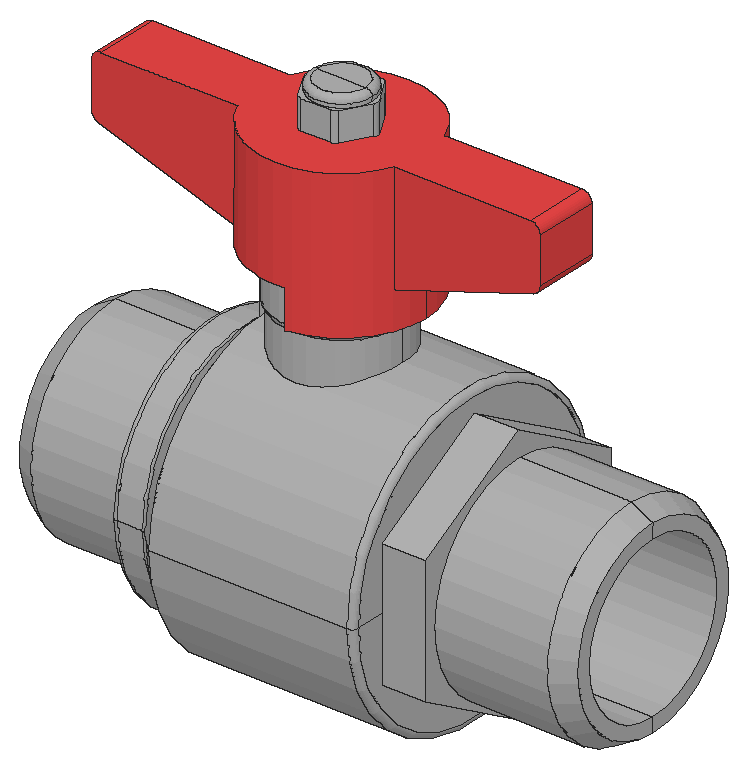
Revit family "QA08610000", category Apparecchi idraulici, Revit 2016
Family settings
  Tipo di parte = Normale
  Quota connettore circolare = Usa diametro
  Numero OmniClass = 23.45.00.00
  Titolo OmniClass = Sanitary, Laundry, and Cleaning Equipment
  Basato su piano di lavoro = No
  Sempre verticale = Sì
  Taglio con vuoti quando caricato = No
  Condiviso = No
  Punto di calcolo locali = No
Parameters
  URL = "https://web.cimberio.it/index.php/figura/314?subcategoria_id=42599"
  DN Model [instance] = QA08611025 : QA08611025
  DN [instance] = 25 mm
Reference planes
  plane 1 "Centro (Fronte/Retro)": y = 0
  plane 2: z = 0
  plane 3 "Centro (Sinistra/Destra)": x = 0
Dimensions and locks
  aligned and locked: level to plane 2
Nested families
  nested 1: "QA08611025" at (0, 0, 0), type <- "DN Model", type "QA08611025"
  nested 2: "QA08611025" at (0, 0, 0), type <- "DN Model", type "QA08611025"
  nested 3: "QA08611025" at (0, 0, 0), type <- "DN Model", type "QA08611025"
  nested 4: "QA08611025" at (0, 0, 0), type <- "DN Model", type "QA08611025"
  nested 5: "QA08611025" at (0, 0, 0), type <- "DN Model", type "QA08611025"
  nested 6: "QA08611025" at (0, 0, 0), type <- "DN Model", type "QA08611025"
  nested 7: "QA08611025" at (0, 0, 0), type <- "DN Model", type "QA08611025"
  nested 8: "QA08611025" at (0, 0, 0), type <- "DN Model", type "QA08611025"
Connectors
  piping at (48.6, 0, 0), diameter 25, driven by "DN"
    settings: on nested 1, index 1, connector inside diameter 609.6 mm, connector length 0 mm, flow factor 0, pipe flow 0.0 L/s, pressure drop 0.0 Pa, fitting loss kfactor 0, connector angle 0.00°, fixture units 0, engagement length 0 mm, angle of deflection 0.00°, flow configuration 0, flow direction 0, fitting loss method 0, system type 7, joint type 0, gender type 0, connector reference index -1, connector utility 0, adjustable connector no, is connector primary yes, connector description ""
  piping at (-38.5, 0, 0), diameter 25, driven by "DN"
    settings: on nested 1, index 2, connector inside diameter 609.6 mm, connector length 0 mm, flow factor 0, pipe flow 0.0 L/s, pressure drop 0.0 Pa, fitting loss kfactor 0, connector angle 0.00°, fixture units 0, engagement length 0 mm, angle of deflection 0.00°, flow configuration 0, flow direction 0, fitting loss method 0, system type 7, joint type 0, gender type 0, connector reference index -1, connector utility 0, adjustable connector no, is connector primary no, connector description ""
Definition of nested family "QA08611025"
  Reference planes
    plane 1 "Centro (Fronte/Retro)": y = 0
    plane 2: z = 0
    plane 3 "Centro (Sinistra/Destra)": x = 0
  Forms (mm)
    Revolve 1, solid
      sketch origin (-4.3, 0, 0) x (1, 0, 0) y (0, 0, 1)
        loop
          line (31.9, 12.5) -> (52.9, 12.5) -> (52.9, 14.625) -> (49.611, 16.472) -> (31.9, 16.472) -> (31.9, 12.5)
        axis (52.9, 0) -> (31.9, 0)
      angle from 0 to 360
    Revolve 2, solid
      sketch origin (11.9, 0, 0) x (-1, 0, 0) y (0, 0, 1)
        loop
          line (31.9, 12.5) -> (50.4, 12.5) -> (50.4, 14.625) -> (47.2, 16.472) -> (31.9, 16.472) -> (31.9, 12.5)
        axis (50.4, 0) -> (31.9, 0)
      angle from 0 to 360
    Revolve 3, solid
      sketch origin (0, 0, 0) x (0, 1, 0) y (-1, 0, 0)
        loop
          line (12.5, 20) -> (12.5, -20.6) -> (22.5, -20.6)
          arc (22.5, -20.6) -> (23.207, -20.307) -> (23.5, -19.6) r 1
          line (23.5, -19.6) -> (23.5, 11.25) -> (20.47, 14.28)
          arc (20.47, 14.28) -> (20.125, 14.663) -> (20, 15.164) r 1.067
          line (20, 15.164) -> (20, 19)
          arc (20, 19) -> (19.707, 19.707) -> (19, 20) r 1
          line (19, 20) -> (12.5, 20)
        axis (0, 20) -> (0, -20.6)
      angle from 0 to 360
    Extrusion 4, solid
      sketch origin (0, 0, 0) x (0, 1, 0) y (0, 0, 1)
        loop
          circle (0, 0) r 12.5
        loop
          line (0, 20.25) -> (-18, 9.858) -> (-18, -9.858) -> (0, -20.25) -> (18, -9.858) -> (18, 9.858) -> (0, 20.25)
      from 20.6 to 27.6
    Revolve 5, solid
      sketch origin (0, 0, 0) x (1, 0, 0) y (0, 0, 1)
        loop
          line (0.06, 35.297) -> (0.06, 18.944) -> (9.5, 18.944) -> (9.5, 28.497)
          arc (9.5, 28.497) -> (9.866, 28.863) -> (10, 29.363) r 1
          line (10, 29.363) -> (10, 35.297) -> (0.06, 35.297)
        axis (0.06, 18.944) -> (0.06, 35.297)
      angle from 0 to 360
    Extrusion 6, solid
      sketch origin (0, 0, 0) x (1, 0, 0) y (0, 0, 1)
        loop
          line (-14, 35.297) -> (-14, 30.497) -> (-12, 28.497) -> (-12, 22.238) -> (-8.795, 22.238) -> (-8.795, 35.297) -> (-14, 35.297)
      from 0 to 0.971
    Revolve 7, solid
      sketch origin (0, 0, 0) x (1, 0, 0) y (0, 0, 1)
        loop
          line (0, 36.797) -> (-8.3, 36.797) -> (-8.3, 35.981) -> (-7.368, 35.732) -> (-8.3, 35.382) -> (-8.3, 34.557) -> (0, 34.557) -> (0, 36.797)
        axis (0, 36.797) -> (0, 34.557)
      angle from 0 to 360
    Revolve 8, solid
      sketch origin (0, 0, 0) x (1, 0, 0) y (0, 0, 1)
        loop
          line (0, 59.797) -> (0, 57.789) -> (4.75, 57.789) -> (4.75, 58.797)
          arc (4.75, 58.797) -> (4.458, 59.504) -> (3.751, 59.797) r 1
          line (3.751, 59.797) -> (0, 59.797)
        axis (0, 59.797) -> (0, 57.789)
      angle from 0 to 360
    Revolve 9, solid
      sketch origin (0, 0, 0) x (1, 0, 0) y (0, 0, 1)
        loop
          line (13.134, 30.797) -> (13.134, 53.797) -> (0, 53.797) -> (0, 42.231) -> (8.134, 42.231) -> (8.134, 30.797) -> (13.134, 30.797)
        axis (0, 30.797) -> (0, 53.797)
      angle from 0 to 360
    Extrusion 10, void
      sketch origin (0, 0, 58.3) x (0, 1, 0) y (-1, 0, 0)
        loop
          line (0, 9.114) -> (0, 14.267)
          arc (0, 14.267) -> (-10.639, 9.505) -> (-14.177, -1.6) r 14.267
          line (-14.177, -1.6) -> (-8.977, -1.6)
          arc (-8.977, -1.6) -> (-6.353, 5.32) -> (0, 9.114) r 11.254
      from -28.937 to -21.503
    Extrusion 11, solid
      sketch origin (0, 0, 0) x (1, 0, 0) y (0, 0, 1)
        loop
          line (-9.643, 53.797) -> (-33.5, 53.797)
          arc (-33.5, 53.797) -> (-34.561, 53.358) -> (-35, 52.297) r 1.5
          line (-35, 52.297) -> (-35, 45.224)
          arc (-35, 45.224) -> (-34.714, 44.342) -> (-33.964, 43.797) r 1.5
          line (-33.964, 43.797) -> (-12.42, 36.797) -> (-9.643, 36.797) -> (-9.643, 53.797)
        loop
          line (9.643, 53.797) -> (9.643, 36.797) -> (12.42, 36.797) -> (33.964, 43.797)
          arc (33.964, 43.797) -> (34.714, 44.342) -> (35, 45.224) r 1.5
          line (35, 45.224) -> (35, 52.297)
          arc (35, 52.297) -> (34.561, 53.358) -> (33.5, 53.797) r 1.5
          line (33.5, 53.797) -> (9.643, 53.797)
      from -5 to 5
    Extrusion 12, solid
      sketch origin (0, 0, 58.3) x (0, 1, 0) y (-1, 0, 0)
        loop
          line (-0.516, 5.479) -> (-4.49, 3.185)
          arc (-4.49, 3.185) -> (-4.865, 2.809) -> (-5.003, 2.296) r 1.027
          line (-5.003, 2.296) -> (-5.003, -2.294)
          arc (-5.003, -2.294) -> (-4.865, -2.809) -> (-4.488, -3.186) r 1.029
          line (-4.488, -3.186) -> (-0.5, -5.488)
          arc (-0.5, -5.488) -> (0, -5.622) -> (0.5, -5.488) r 0.999
          line (0.5, -5.488) -> (4.481, -3.19)
          arc (4.481, -3.19) -> (4.863, -2.808) -> (5.003, -2.286) r 1.044
          line (5.003, -2.286) -> (5.003, 2.288)
          arc (5.003, 2.288) -> (4.864, 2.808) -> (4.483, 3.189) r 1.04
          line (4.483, 3.189) -> (0.516, 5.479)
          arc (0.516, 5.479) -> (0, 5.617) -> (-0.516, 5.479) r 1.031
      from -4.503 to -0.003
  Cuts and joins
    Extrusion 10 cuts Revolve 9
    joined: Revolve 9, Extrusion 11
  Dimensions and locks
    aligned and locked: level to plane 2
